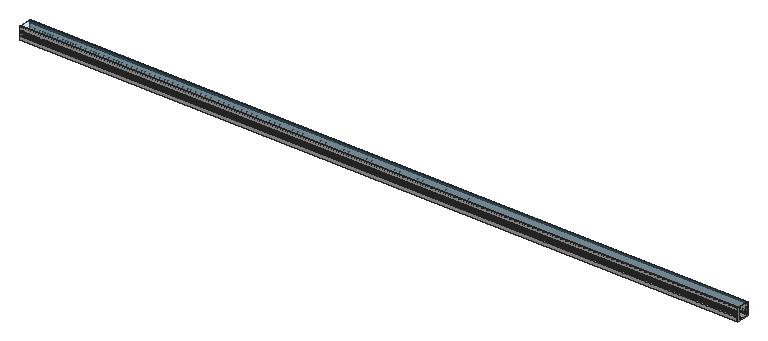
Revit family "LC3535", category Luminarias, Revit 2019
Family settings
  Cota de conector redondo = Diámetro de uso
  Tipo de pieza = Normal
  Se basa en plano de trabajo = Sí
  Siempre vertical = No
  Corte con vacíos al cargar = No
  Origen de luz = No
  Compartido = Sí
  Punto de cálculo de habitación = No
Parameters (values of type "PERFILES_LC3535")
  Tapa Final 3535.1 = 1
  Keynote = ""
  Modelo = "LC3535"
  Lamp = ""
  Longitud = 2000 mm
  Fabricante = "BRILLANT"
  Default Elevation = 1219.2 mm
  Descripción = "PERFIL DE ALUMINIO CON DIFUSOR LECHOSO PARA ALOJAR TIRA LUMINOSA DE HASTA 31MM DE ANCHO. INSTALACION SOBRE SUPERFICIES PLANAS O COMO EMPOTRADO, IDEAL PARA ATENUAR EL BRILLO E INCORPORAR LA LUZ AL AMBIENTE. PRESENTACION DE 2 METROS. REQUEIRE ACCESORIOS COMO TAPA FINAL PARA EXTREMOS."
  Costo USD_LC3535 [instance] = (Longitud / 2000 mm) * (32)  # 32
  Wattage Comments = ""
Reference planes
  plane 1 "Centro (Frontal/Posterior)": y = 0
  plane 2: z = 0
  plane 3 "Centro (Izquierda/Derecha)": x = 0
  plane 4: x = -2000
Forms (mm)
  Extrusion 1, solid, material "Aluminio"
    sketch origin (37.527, 0, 32.853) x (0, 0, 1) y (0, -1, 0)
      loop
        line (2.147, 17.5) -> (-8.931, 17.5)
        arc (-8.931, 17.5) -> (-9.908, 16.523) -> (-10.884, 17.5) r 0.977
        line (-10.884, 17.5) -> (-11.984, 17.5)
        arc (-11.984, 17.5) -> (-12.96, 16.523) -> (-13.937, 17.5) r 0.977
        line (-13.937, 17.5) -> (-15.036, 17.5)
        arc (-15.036, 17.5) -> (-16.013, 16.523) -> (-16.989, 17.5) r 0.977
        line (-16.989, 17.5) -> (-18.089, 17.5)
        arc (-18.089, 17.5) -> (-19.065, 16.523) -> (-20.042, 17.5) r 0.977
        line (-20.042, 17.5) -> (-21.141, 17.5)
        arc (-21.141, 17.5) -> (-22.118, 16.523) -> (-23.094, 17.5) r 0.977
        line (-23.094, 17.5) -> (-32.853, 17.5) -> (-32.853, -17.5) -> (-23.094, -17.5)
        arc (-23.094, -17.5) -> (-22.118, -16.523) -> (-21.141, -17.5) r 0.977
        line (-21.141, -17.5) -> (-20.042, -17.5)
        arc (-20.042, -17.5) -> (-19.065, -16.523) -> (-18.089, -17.5) r 0.977
        line (-18.089, -17.5) -> (-16.989, -17.5)
        arc (-16.989, -17.5) -> (-16.013, -16.523) -> (-15.036, -17.5) r 0.977
        line (-15.036, -17.5) -> (-13.937, -17.5)
        arc (-13.937, -17.5) -> (-12.96, -16.523) -> (-11.984, -17.5) r 0.977
        line (-11.984, -17.5) -> (-10.884, -17.5)
        arc (-10.884, -17.5) -> (-9.908, -16.523) -> (-8.931, -17.5) r 0.977
        line (-8.931, -17.5) -> (2.147, -17.5) -> (2.147, -15.91) -> (-0.703, -15.91) -> (-0.703, -16.752) -> (-2.602, -16.752) -> (-3.854, -15.5) -> (-25.09, -15.5) -> (-25.09, -16.283) -> (-28.102, -16.283) -> (-28.102, -15.5) -> (-30.853, -15.5) -> (-30.853, -2.141) -> (-31.607, -0.835) -> (-31.607, 0.835) -> (-30.853, 2.141) -> (-30.853, 15.5) -> (-28.102, 15.5) -> (-28.102, 16.283) -> (-25.09, 16.283) -> (-25.09, 15.5) -> (-3.854, 15.5) -> (-2.602, 16.752) -> (-0.703, 16.752) -> (-0.703, 15.91) -> (2.147, 15.91) -> (2.147, 17.5)
    from -2037.527 to -37.527
  Extrusion 2, solid, material "Difusor Lechoso"
    sketch origin (22.394, 0, 27.494) x (0, 0, 1) y (0, -1, 0)
      loop
        line (7.506, 15.91) -> (4.656, 15.91) -> (4.656, 16.752) -> (2.757, 16.752) -> (1.505, 15.5) -> (4.197, 14.141) -> (6.615, 14.141) -> (6.615, -14.141) -> (4.197, -14.141) -> (1.505, -15.5) -> (2.757, -16.752) -> (4.656, -16.752) -> (4.656, -15.91) -> (7.506, -15.91) -> (7.506, 15.91)
    from -2022.394 to -22.394
Dimensions and locks
  "Longitud": plane 3 "Centro (Izquierda/Derecha)" to plane 4
  "Longitud": plane 4 to plane 3 "Centro (Izquierda/Derecha)"
  aligned and locked: level to plane 2
  aligned and locked: plane 4 to Extrusion 1
  aligned and locked: plane 3 "Centro (Izquierda/Derecha)" to Extrusion 1
  aligned and locked: plane 4 to Extrusion 2
  aligned and locked: plane 3 "Centro (Izquierda/Derecha)" to Extrusion 2
Automatic sketch dimensions
  Extrusion 1 sketch curve to level = 0 mm
  level to Extrusion 1 sketch curve = 1.246 mm
  Extrusion 1 sketch curve to Extrusion 1 sketch curve = 0.754 mm
  level to Extrusion 1 sketch curve = 2 mm
  Extrusion 1 sketch curve to Extrusion 1 sketch curve = 2.751 mm  (x2)
  Extrusion 1 sketch curve to Extrusion 1 sketch curve = 3.012 mm  (x2)
  Extrusion 1 sketch curve to Extrusion 1 sketch curve = 1.996 mm  (x2)
  Extrusion 1 sketch curve to Extrusion 1 sketch curve = 0.977 mm  (x10)
  Extrusion 1 sketch curve to Extrusion 1 sketch curve = 1.099 mm  (x8)
  Extrusion 1 sketch curve to Extrusion 1 sketch curve = 5.077 mm  (x2)
  Extrusion 1 sketch curve to Extrusion 1 sketch curve = 1.252 mm  (x4)
  Extrusion 1 sketch curve to Extrusion 1 sketch curve = 1.899 mm  (x2)
  Extrusion 1 sketch curve to Extrusion 1 sketch curve = 2.85 mm  (x2)
  Extrusion 1 sketch curve to plane 1 "Centro (Frontal/Posterior)" = 17.5 mm
  Extrusion 1 sketch curve to Extrusion 1 sketch curve = 0.748 mm
  Extrusion 1 sketch curve to Extrusion 1 sketch curve = 1.217 mm
  Extrusion 1 sketch curve to Extrusion 1 sketch curve = 1.59 mm
  Extrusion 1 sketch curve to Extrusion 1 sketch curve = 0.783 mm  (x2)
  Extrusion 1 sketch curve to plane 1 "Centro (Frontal/Posterior)" = 2.141 mm
  Extrusion 1 sketch curve to plane 1 "Centro (Frontal/Posterior)" = 0.835 mm
  plane 1 "Centro (Frontal/Posterior)" to Extrusion 1 sketch curve = 0.835 mm
  Extrusion 1 sketch curve to Extrusion 1 sketch curve = 1.306 mm
  Extrusion 1 sketch curve to Extrusion 1 sketch curve = 13.359 mm
  plane 1 "Centro (Frontal/Posterior)" to Extrusion 1 sketch curve = 15.5 mm
  Extrusion 1 sketch curve to Extrusion 1 sketch curve = 0.41 mm
  Extrusion 1 sketch curve to Extrusion 1 sketch curve = 2 mm
  level to Extrusion 2 sketch curve = 28.999 mm  (x2)
  Extrusion 2 sketch curve to Extrusion 2 sketch curve = 1.252 mm  (x3)
  plane 1 "Centro (Frontal/Posterior)" to Extrusion 2 sketch curve = 14.141 mm
  Extrusion 2 sketch curve to Extrusion 2 sketch curve = 1.44 mm  (x2)
  Extrusion 2 sketch curve to plane 1 "Centro (Frontal/Posterior)" = 14.141 mm
  Extrusion 2 sketch curve to Extrusion 2 sketch curve = 1.899 mm
  Extrusion 2 sketch curve to Extrusion 2 sketch curve = 0.458 mm
  Extrusion 2 sketch curve to Extrusion 2 sketch curve = 2.418 mm
  Extrusion 2 sketch curve to Extrusion 2 sketch curve = 0.89 mm
  Extrusion 2 sketch curve to Extrusion 2 sketch curve = 1.359 mm  (x2)
  Extrusion 2 sketch curve to Extrusion 2 sketch curve = 1.768 mm  (x2)
  Extrusion 2 sketch curve to Extrusion 2 sketch curve = 0.842 mm
